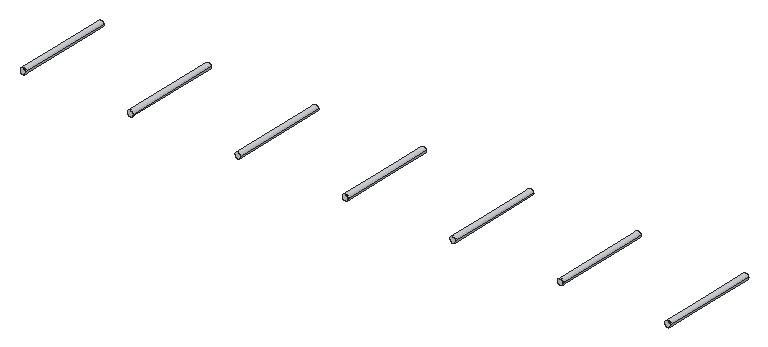
Revit family "Dorn_LD_16-270_Zn_p_i_t_4031206", category Generic Models, Revit 2019
Family settings
  Can host rebar = No
  Round Connector Dimension = Use Diameter
  Part Type = Normal
  Work Plane-Based = Yes
  Always vertical = No
  Cut with Voids When Loaded = No
  Shared = No
  Room Calculation Point = No
Parameters (values of type "16/270 Zn")
  Website Link [instance] = "https://haucon.dk/produkt/dorn-ld/#variations"
  Total Width = 270 mm
  Total Length [instance] = 2440 mm
  Technical Data Sheet [instance] = "https://haucon.dk/wp-content/uploads/2018/02/TA-Dorn-LD-TI-DK.pdf"
  Metal = Steel, Galvanized
  Height Dowel [instance] = 0 mm
  Dowel count [instance] = (Total Length / Distance) - 1  # 7
  Distance from start [instance] = 300 mm
  Distance [instance] = 300 mm
  Diameter = 16 mm
  Default Elevation = 1219.2 mm
Types (5, lengths in mm): name | Website Link | Total Width | Metal | Diameter
  (no name) | "https://haucon.dk/produkt/dorn-ld/#variations" | 270 | Steel, Galvanized | 16
  20/320 A4 | "https://haucon.dk/produkt/dorn-ld/#variations" | 320 | Stainless Steel A4 | 20
  16/270 A4 | "https://haucon.dk/produkt/dorn-ld/#variations" | 270 | Stainless Steel A4 | 16
  16/270 Zn | "https://haucon.dk/produkt/dorn-ld/#variations" | 270 | Steel, Galvanized | 16
  20/320 Zn | "https://haucon.dk/produkt/dorn-ld/" | 320 | Steel, Galvanized | 20
Reference planes
  plane 1 "Center (Front/Back)": y = 0
  plane 2: z = 0
  plane 3 "Center (Left/Right)": x = 0
  plane 4: x = 2440
  plane 5: x = 300
  plane 6: x = 600
  plane 7: x = 900
  plane 8: x = 1200
  plane 9: x = 1500
  plane 10: x = 1800
  plane 11: x = 2100
Dimensions and locks
  equal spacing: group 1, group 2, group 3, group 4, group 5, group 6, group 7  (x3)
  "Total Length": plane 3 "Center (Left/Right)" to plane 4
  "Distance from start": plane 3 "Center (Left/Right)" to plane 5
  "Distance": plane 5 to plane 6
  aligned and locked: level to plane 2
Nested families
  nested 1: "Family1" at (273.576, 0, 0), Diameter <- "Diameter", Height Dowel <- "Height Dowel", Total Width <- "Total Width", type "Family1"
    with Total Width 270 mm, Height Dowel 0 mm, Diameter 16 mm
  nested 2: "Family1" at (573.576, 0, 0), Diameter <- "Diameter", Height Dowel <- "Height Dowel", Total Width <- "Total Width", type "Family1"
    with Total Width 270 mm, Height Dowel 0 mm, Diameter 16 mm
  nested 3: "Family1" at (873.576, 0, 0), Diameter <- "Diameter", Height Dowel <- "Height Dowel", Total Width <- "Total Width", type "Family1"
    with Total Width 270 mm, Height Dowel 0 mm, Diameter 16 mm
  nested 4: "Family1" at (1173.576, 0, 0), Diameter <- "Diameter", Height Dowel <- "Height Dowel", Total Width <- "Total Width", type "Family1"
    with Total Width 270 mm, Height Dowel 0 mm, Diameter 16 mm
  nested 5: "Family1" at (1473.576, 0, 0), Diameter <- "Diameter", Height Dowel <- "Height Dowel", Total Width <- "Total Width", type "Family1"
    with Total Width 270 mm, Height Dowel 0 mm, Diameter 16 mm
  nested 6: "Family1" at (1773.576, 0, 0), Diameter <- "Diameter", Height Dowel <- "Height Dowel", Total Width <- "Total Width", type "Family1"
    with Total Width 270 mm, Height Dowel 0 mm, Diameter 16 mm
  nested 7: "Family1" at (2073.576, 0, 0), Diameter <- "Diameter", Height Dowel <- "Height Dowel", Total Width <- "Total Width", type "Family1"
    with Total Width 270 mm, Height Dowel 0 mm, Diameter 16 mm
Definition of nested family "Family1"
  Parameters (values of type "Family1")
    Total Width [instance] = 320 mm
    Height Dowel [instance] = 100 mm
    Diameter [instance] = 20 mm
    Default Elevation = 1219.2 mm
  Reference planes
    plane 1 "Center (Front/Back)": y = 0
    plane 2: z = 0
    plane 3 "Center (Left/Right)": x = 0
    plane 4: y = 160
    plane 5: y = -160
    plane 6: x = -140
    plane 7: x = 140
    plane 8 "Dowel Height": z = 100
  Forms (mm)
    Extrusion 1, solid
      sketch origin (8.617, 0, 0) x (1, 0, 0) y (0, 0, 1)
        loop
          circle (17.807, 100) r 10
      from -160 to 160
  Dimensions and locks
    plane 6 to plane 7 = 280 mm
    equal spacing: plane 6, plane 3 "Center (Left/Right)", plane 7
    equal spacing: plane 4, plane 1 "Center (Front/Back)", plane 5
    "Total Width": plane 4 to plane 5
    "Height Dowel": plane 8 "Dowel Height" to level
    "Diameter": diameter of Extrusion 1 sketch curve
    aligned and locked: level to plane 2
    aligned and locked: plane 8 "Dowel Height" to Extrusion 1
    aligned and locked: plane 4 to Extrusion 1
    aligned and locked: plane 5 to Extrusion 1
  Automatic sketch dimensions
    Extrusion 1 sketch curve to plane 8 "Dowel Height" = 0 mm
    plane 3 "Center (Left/Right)" to Extrusion 1 sketch curve = 26.424 mm
